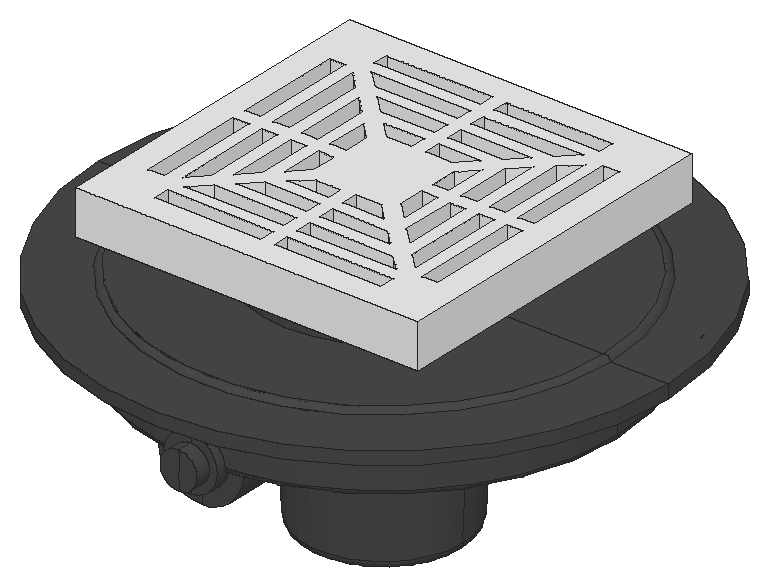
Revit family "Shower-Drain-Waterworks-Universal", category Pipe Accessories, host Face, Revit 2014
Parameters (values of type "NOT A TYPE - Load Type Catalog")
  ‌Installation Requirements or Notes = "This single drain can handle 17 gpm\r"  # constant formula
  Warranty = "http://www.waterworks.com/warranty"
  Version = "2014 - v1.0a"  # constant formula
  Support Phone = "(224) 699-9545"  # constant formula
  Support Email = "mailto:support@anguleris.com"
  Show Label [instance] = yes
  Model SKU = if(Constraint = 1, "26-57959-24091", if(Constraint = 2, "26-15307-98342", if(Constraint = 3, "26-35005-59774", if(Constraint = 4, "26-75946-93689", if(Constraint = 5, "26-46664-78511", if(Constraint = 6, "26-10276-80081", if(Constraint = 7, "26-84778-17046", if(Constraint = 8, "26-79254-35075", if(Constraint = 9, "26-63643-85030", if(Constraint = 10, "26-84421-61040", if(Constraint = 11, "26-19734-27541", if(Constraint = 12, "26-70824-72408", if(Constraint = 13, "26-83240-41358", if(Constraint = 14, "26-04110-14663", if(Constraint = 15, "26-74515-37982", if(Constraint = 16, "26-76117-98440", if(Constraint = 17, "26-13045-06230", "Not Available")))))))))))))))))  # "26-57959-24091"
  Manufacturer Email = "mailto:acallanan@waterworks.com"
  Length = 0' - 8 3/8"  # constant formula
  Label = "FD"  # constant formula
  Keynote = "22 40 00"
  URL = "http://www.waterworks.com/"
  Product Page URL = "http://www.waterworks.com/universal-shower-drain-unsd02"
  Product Name = if(Constraint = 1, "Universal Shower Drain in Antique Brass", if(Constraint = 2, "Universal Shower Drain in Antique Copper", if(Constraint = 3, "Universal Shower Drain in Architectural Bronze", if(Constraint = 4, "Universal Shower Drain in Burnished Brass", if(Constraint = 5, "Universal Shower Drain in Burnished Nickel", if(Constraint = 6, "Universal Shower Drain in Carbon", if(Constraint = 7, "Universal Shower Drain in Chrome", if(Constraint = 8, "Universal Shower Drain in Gold", if(Constraint = 9, "Universal Shower Drain in Graphite", if(Constraint = 10, "Universal Shower Drain in Matte Gold", if(Constraint = 11, "Universal Shower Drain in Matte Nickel", if(Constraint = 12, "Universal Shower Drain in Nickel", if(Constraint = 13, "Universal Shower Drain in Pewter", if(Constraint = 14, "Universal Shower Drain in Shiny Copper", if(Constraint = 15, "Universal Shower Drain in Sovereign", if(Constraint = 16, "Universal Shower Drain in Unlacquered Brass", if(Constraint = 17, "Universal Shower Drain in Vintage Brass", "Not Available")))))))))))))))))  # "Universal Shower Drain in Antique Brass"
  Product Documentation Link = "http://assets.waterworks.com/wasset/28/original/34428.pdf"
  Model = "UNSD02"  # constant formula
  Material = ""
  Manufacturer Phone Number = "(203)546-6201"  # constant formula
  Manufacturer Address = "60 Backus Avenue, Danbury, CT 06810"  # constant formula
  Manufacturer = "Waterworks"  # constant formula
  Height = 0' - 5"  # constant formula
  Finish = Metal - Waterworks - Chrome
  Drain Hole Diameter = 0' - 2"  # constant formula
  Description = if(Constraint = 1, "Universal Shower Drain in Antique Brass", if(Constraint = 2, "Universal Shower Drain in Antique Copper", if(Constraint = 3, "Universal Shower Drain in Architectural Bronze", if(Constraint = 4, "Universal Shower Drain in Burnished Brass", if(Constraint = 5, "Universal Shower Drain in Burnished Nickel", if(Constraint = 6, "Universal Shower Drain in Carbon", if(Constraint = 7, "Universal Shower Drain in Chrome", if(Constraint = 8, "Universal Shower Drain in Gold", if(Constraint = 9, "Universal Shower Drain in Graphite", if(Constraint = 10, "Universal Shower Drain in Matte Gold", if(Constraint = 11, "Universal Shower Drain in Matte Nickel", if(Constraint = 12, "Universal Shower Drain in Nickel", if(Constraint = 13, "Universal Shower Drain in Pewter", if(Constraint = 14, "Universal Shower Drain in Shiny Copper", if(Constraint = 15, "Universal Shower Drain in Sovereign", if(Constraint = 16, "Universal Shower Drain in Unlacquered Brass", if(Constraint = 17, "Universal Shower Drain in Vintage Brass", "Not Available")))))))))))))))))  # "Universal Shower Drain in Antique Brass"
  Depth = 0' - 8 3/8"  # constant formula
  Default Elevation = 0' - 0"
  Copyright = "@2017 Waterworks Operating Company LLC. All rights reserved"  # constant formula
  Constraint = 1
  Outlet Connection Diameter = 0' - 2"  # constant formula
  Outlet Connection Typer = "Outlet - No Hub"  # constant formula
  Code Compliance = "Code # WWSD02: ASME A112.18.2 / CSA B125.2, IAPMO, State of MA"  # constant formula
  Certification cUPC = 1 = 1  # yes
  Certification State of MA = 1 = 1  # yes
  Certification IAPMO = 1 = 1  # yes
  Assembly Code = "D2010"
  Alt Finish = Metal - Waterworks - Unfinished
Reference planes (in)
  plane 1 "Center (Front/Back)": y = 0
  plane 2 "Top": z = 0
  plane 3 "Center (Left/Right)": x = 0
  plane 4: x = -2.5
  plane 5: x = 2.5
  plane 6: y = 2.5
  plane 7: y = -2.5
  plane 8 "Left": x = -4.16416
  plane 9 "Right": x = 4.16416
  plane 10 "Back": y = 4.16416
  plane 11 "Front": y = -4.16416
  plane 12: y = 3.78916
  plane 13: y = -3.78916
  plane 14: x = -3.78916
  plane 15: x = 3.78916
  plane 16: z = -0.625
  plane 17: z = -1.3125
  plane 18: z = -1.5
  plane 19: x = -1.15625
  plane 20: x = 1.15625
  plane 21: y = -1.15625
  plane 22: y = 1.15625
  plane 23 "Bottom": z = -4.5625
  plane 24: z = 0.01562
Forms (in)
  Extrusion 1, solid, material "Metal - Waterworks - Chrome" <- "Finish", detail levels fine
    sketch origin (0, 0, 0) x (1, 0, 0) y (0, 1, 0)
      loop
        line (-2.5, 2.5) -> (-2.5, -2.5) -> (2.5, -2.5) -> (2.5, 2.5) -> (-2.5, 2.5)
      loop
        line (-1.8813, 0.10352) -> (-1.8813, 1.65749) -> (-2.11751, 1.65749) -> (-2.11751, 0.10352) -> (-1.8813, 0.10352)
      loop
        line (-1.70059, 1.55589) -> (-1.70059, 0.10352) -> (-1.46437, 0.10352) -> (-1.46437, 1.31967) -> (-1.70059, 1.55589)
      loop
        line (-1.28365, 1.13895) -> (-1.28365, 0.10352) -> (-1.04744, 0.10352) -> (-1.04744, 0.90274) -> (-1.28365, 1.13895)
      loop
        line (-0.86673, 0.72204) -> (-0.86673, 0.10352) -> (-0.63051, 0.10352) -> (-0.63051, 0.48581) -> (-0.86673, 0.72204)
      loop
        line (-0.09862, 0.87307) -> (-0.71705, 0.87307) -> (-0.48081, 0.63685) -> (-0.09862, 0.63685) -> (-0.09862, 0.87307)
      loop
        line (-0.09862, 1.29001) -> (-1.13402, 1.29001) -> (-0.89777, 1.05378) -> (-0.09862, 1.05378) -> (-0.09862, 1.29001)
      loop
        line (-0.09862, 1.70693) -> (-1.55098, 1.70693) -> (-1.31474, 1.47071) -> (-0.09862, 1.47071) -> (-0.09862, 1.70693)
      loop
        line (-0.09862, 2.12308) -> (-1.65255, 2.12308) -> (-1.65255, 1.88685) -> (-0.09862, 1.88685) -> (-0.09862, 2.12308)
      loop
        line (1.8813, 0.10352) -> (2.11751, 0.10352) -> (2.11751, 1.65749) -> (1.8813, 1.65749) -> (1.8813, 0.10352)
      loop
        line (1.70059, 1.55589) -> (1.46437, 1.31967) -> (1.46437, 0.10352) -> (1.70059, 0.10352) -> (1.70059, 1.55589)
      loop
        line (1.28365, 1.13895) -> (1.04744, 0.90274) -> (1.04744, 0.10352) -> (1.28365, 0.10352) -> (1.28365, 1.13895)
      loop
        line (0.86673, 0.72204) -> (0.63051, 0.48581) -> (0.63051, 0.10352) -> (0.86673, 0.10352) -> (0.86673, 0.72204)
      loop
        line (0.09862, 0.87307) -> (0.09862, 0.63685) -> (0.48081, 0.63685) -> (0.71705, 0.87307) -> (0.09862, 0.87307)
      loop
        line (0.09862, 1.29001) -> (0.09862, 1.05378) -> (0.89777, 1.05378) -> (1.13402, 1.29001) -> (0.09862, 1.29001)
      loop
        line (0.09862, 1.70693) -> (0.09862, 1.47071) -> (1.31474, 1.47071) -> (1.55098, 1.70693) -> (0.09862, 1.70693)
      loop
        line (0.09862, 2.12308) -> (0.09862, 1.88685) -> (1.65255, 1.88685) -> (1.65255, 2.12308) -> (0.09862, 2.12308)
      loop
        line (-1.8813, -0.10352) -> (-2.11751, -0.10352) -> (-2.11751, -1.65749) -> (-1.8813, -1.65749) -> (-1.8813, -0.10352)
      loop
        line (-1.70059, -1.55589) -> (-1.46437, -1.31967) -> (-1.46437, -0.10352) -> (-1.70059, -0.10352) -> (-1.70059, -1.55589)
      loop
        line (-1.28365, -1.13895) -> (-1.04744, -0.90274) -> (-1.04744, -0.10352) -> (-1.28365, -0.10352) -> (-1.28365, -1.13895)
      loop
        line (-0.86673, -0.72204) -> (-0.63051, -0.48581) -> (-0.63051, -0.10352) -> (-0.86673, -0.10352) -> (-0.86673, -0.72204)
      loop
        line (-0.09862, -0.87307) -> (-0.09862, -0.63685) -> (-0.48081, -0.63685) -> (-0.71705, -0.87307) -> (-0.09862, -0.87307)
      loop
        line (-0.09862, -1.29001) -> (-0.09862, -1.05378) -> (-0.89777, -1.05378) -> (-1.13402, -1.29001) -> (-0.09862, -1.29001)
      loop
        line (-0.09862, -1.70693) -> (-0.09862, -1.47071) -> (-1.31474, -1.47071) -> (-1.55098, -1.70693) -> (-0.09862, -1.70693)
      loop
        line (-0.09862, -2.12308) -> (-0.09862, -1.88685) -> (-1.65255, -1.88685) -> (-1.65255, -2.12308) -> (-0.09862, -2.12308)
      loop
        line (1.8813, -0.10352) -> (1.8813, -1.65749) -> (2.11751, -1.65749) -> (2.11751, -0.10352) -> (1.8813, -0.10352)
      loop
        line (1.70059, -1.55589) -> (1.70059, -0.10352) -> (1.46437, -0.10352) -> (1.46437, -1.31967) -> (1.70059, -1.55589)
      loop
        line (1.28365, -1.13895) -> (1.28365, -0.10352) -> (1.04744, -0.10352) -> (1.04744, -0.90274) -> (1.28365, -1.13895)
      loop
        line (0.86673, -0.72204) -> (0.86673, -0.10352) -> (0.63051, -0.10352) -> (0.63051, -0.48581) -> (0.86673, -0.72204)
      loop
        line (0.09862, -0.87307) -> (0.71705, -0.87307) -> (0.48081, -0.63685) -> (0.09862, -0.63685) -> (0.09862, -0.87307)
      loop
        line (0.09862, -1.29001) -> (1.13402, -1.29001) -> (0.89777, -1.05378) -> (0.09862, -1.05378) -> (0.09862, -1.29001)
      loop
        line (0.09862, -1.70693) -> (1.55098, -1.70693) -> (1.31474, -1.47071) -> (0.09862, -1.47071) -> (0.09862, -1.70693)
      loop
        line (0.09862, -2.12308) -> (1.65255, -2.12308) -> (1.65255, -1.88685) -> (0.09862, -1.88685) -> (0.09862, -2.12308)
    from -0.625 to 0.01562
  Blend 2, solid, material "Metal - Waterworks - Unfinished" <- "Alt Finish", detail levels fine
    base sketch origin (0, 0, 0) x (1, 0, 0) y (0, 1, 0)
      loop
        circle (0, 0) r 1.90625
    top sketch origin (0, 0, 0) x (1, 0, 0) y (0, 1, 0)
      loop
        line (-2.5, 2.5) -> (-2.5, -2.5) -> (2.5, -2.5) -> (2.5, 2.5) -> (-2.5, 2.5)
    from -0.875 to -0.625
  Revolve 3, solid, material "Metal - Waterworks - Unfinished" <- "Alt Finish", detail levels fine
    sketch origin (0, 0, 0) x (1, 0, 0) y (0, 0, 1)
      loop
        line (0, -0.875) -> (-1.84547, -0.875) -> (-1.78543, -0.93504) -> (-1.78543, -1.25394) -> (-3.21909, -1.25394)
        arc (-3.21909, -1.25394) -> (-3.2779, -1.26962) -> (-3.3211, -1.3125) r 0.11811
        line (-3.3211, -1.3125) -> (-4.16416, -1.3125) -> (-4.16416, -1.5) -> (-3.78916, -1.5)
        arc (-3.78916, -1.5) -> (-3.7548, -1.62819) -> (-3.64024, -1.69519) r 0.1746
        line (-3.64024, -1.69519) -> (-3.5048, -1.69519)
        arc (-3.5048, -1.69519) -> (-3.44873, -1.71842) -> (-3.4255, -1.77449) r 0.0793
        line (-3.4255, -1.77449) -> (-3.4255, -2.24029)
        arc (-3.4255, -2.24029) -> (-3.40244, -2.29576) -> (-3.34694, -2.31872) r 0.07856
        line (-3.34694, -2.31872) -> (-2.57874, -2.3189)
        arc (-2.57874, -2.3189) -> (-2.52306, -2.34203) -> (-2.5, -2.39771) r 0.07874
        line (-2.5, -2.39771) -> (-2.5, -2.69291)
        arc (-2.5, -2.69291) -> (-2.44234, -2.83211) -> (-2.30315, -2.88976) r 0.19685
        line (-2.30315, -2.88976) -> (-1.93898, -2.88976)
        arc (-1.93898, -2.88976) -> (-1.91955, -2.89966) -> (-1.89815, -2.90384) r 0.07874
        line (-1.89815, -2.90384) -> (-1.23031, -2.94094) -> (-1.16139, -4.44978)
        arc (-1.16139, -4.44978) -> (-1.12499, -4.52979) -> (-1.04341, -4.5625) r 0.11811
        line (-1.04341, -4.5625) -> (-1, -4.5625) -> (-1, -4.53125) -> (0, -4.53125) -> (0, -0.875)
      axis (0, -0.875) -> (0, -4.5625)
    angle from 0 to 360
  Revolve 4, solid, material "Metal - Waterworks - Unfinished" <- "Alt Finish", detail levels fine
    sketch origin (0, 0, 0) x (0, 1, 0) y (0, 0, 1)
      loop
        line (-3.74803, -2.52842) -> (-3.5315, -2.52842) -> (-3.5315, -2.65736) -> (-3.33465, -2.65736) -> (-3.33465, -2.88373) -> (0, -2.88373) -> (0, -2.25984) -> (-3.74803, -2.25984) -> (-3.74803, -2.52842)
      axis (0, -2.25984) -> (-3.74803, -2.25984)
    angle from 0 to 360
  Extrusion 5, void, detail levels fine
    sketch origin (0, 0, 0) x (1, 0, 0) y (0, 1, 0)
      loop
        line (-2.5, 2.5) -> (-2.5, -2.5) -> (2.5, -2.5) -> (2.5, 2.5) -> (-2.5, 2.5)
    from -1.25394 to 0
  Extrusion 6, void
    sketch origin (0, 0, 0) x (1, 0, 0) y (0, 1, 0)
      loop
        circle (0, 0) r 4.16416
    from -4.5625 to -1.25394
Cuts and joins
  joined: Blend 2, Revolve 3, Revolve 4
Lines and regions (in)
  Split face 1
    outline origin (0, 0, 0.01562) x (1, 0, 0) y (0, 1, 0)
      loop
        line (-2.30876, -2.30876) -> (2.30876, -2.30876) -> (2.30876, 2.30876) -> (-2.30876, 2.30876) -> (-2.30876, -2.30876)
  Masking region 1, detail levels coarse+medium
    outline origin (0, 0, 0) x (1, 0, 0) y (0, 1, 0)
      loop
        line (-2.5, 2.5) -> (-2.5, -2.5) -> (2.5, -2.5) -> (2.5, 2.5) -> (-2.5, 2.5)
  symbolic lines, style "PipeAccessory", detail levels coarse+medium
    curve 1: circle (0, 0, 0) r 2.5 normal (0, 0, 1)
  model lines, detail levels coarse+medium
    curve 2: line (0, 0, -6) -> (0, 0, 0.01562)
Dimensions and locks (in)
  equal spacing: plane 4, plane 3 "Center (Left/Right)", plane 5, locked at 2.5 each
  equal spacing: plane 7, plane 1 "Center (Front/Back)", plane 6, locked at 2.5 each
  "Height": plane 7 to plane 6
  "Height": plane 4 to plane 5
  equal spacing: plane 19, plane 3 "Center (Left/Right)", plane 20, locked at 1.15625 each
  equal spacing: plane 21, plane 1 "Center (Front/Back)", plane 22, locked at 1.15625 each
  locked: plane 3 "Center (Left/Right)" to Extrusion 1 sketch curve at 0.10232  (x2)
  locked: plane 3 "Center (Left/Right)" to Extrusion 1 sketch curve at 0.11037  (x2)
  locked: Extrusion 1 sketch curve to plane 3 "Center (Left/Right)" at 0.11037  (x2)
  locked: Extrusion 1 sketch curve to plane 3 "Center (Left/Right)" at 0.10232  (x2)
  Extrusion 1 sketch curve to Extrusion 1 sketch curve to plane 3 "Center (Left/Right)" to Extrusion 1 sketch curve to Extrusion 1 sketch curve = 0' - 0" locked, 0' - 0.09862" locked, 0' - 0.09862" locked, 0' - 0" locked
  Extrusion 1 sketch curve to Extrusion 1 sketch curve to plane 1 "Center (Front/Back)" to Extrusion 1 sketch curve to Extrusion 1 sketch curve = 0' - 0" locked, 0' - 0.10352" locked, 0' - 0.10352" locked, 0' - 0" locked
  Extrusion 1 sketch curve to Extrusion 1 sketch curve to Extrusion 1 sketch curve to Extrusion 1 sketch curve to Extrusion 1 sketch curve to Extrusion 1 sketch curve to Extrusion 1 sketch curve to Extrusion 1 sketch curve to Extrusion 1 sketch curve to Extrusion 1 sketch curve to Extrusion 1 sketch curve to Extrusion 1 sketch curve to Extrusion 1 sketch curve to Extrusion 1 sketch curve to Extrusion 1 sketch curve to Extrusion 1 sketch curve to plane 3 "Center (Left/Right)" to Extrusion 1 sketch curve to Extrusion 1 sketch curve to Extrusion 1 sketch curve to Extrusion 1 sketch curve to Extrusion 1 sketch curve to Extrusion 1 sketch curve to Extrusion 1 sketch curve to Extrusion 1 sketch curve to Extrusion 1 sketch curve to Extrusion 1 sketch curve to Extrusion 1 sketch curve to Extrusion 1 sketch curve to Extrusion 1 sketch curve to Extrusion 1 sketch curve to Extrusion 1 sketch curve to Extrusion 1 sketch curve = 0' - 0" locked, 0' - 0.23621" locked, 0' - 0" locked, 0' - 0.18071" locked, 0' - 0" locked, 0' - 0.23622" locked, 0' - 0" locked, 0' - 0.18072" locked, 0' - 0" locked, 0' - 0.23621" locked, 0' - 0" locked, 0' - 0.1807" locked, 0' - 0" locked, 0' - 0.23622" locked, 0' - 0" locked, 0' - 0.63051" locked, 0' - 0.63051" locked, 0' - 0" locked, 0' - 0.23622" locked, 0' - 0" locked, 0' - 0.1807" locked, 0' - 0" locked, 0' - 0.23621" locked, 0' - 0" locked, 0' - 0.18072" locked, 0' - 0" locked, 0' - 0.23622" locked, 0' - 0" locked, 0' - 0.18071" locked, 0' - 0" locked, 0' - 0.23621" locked, 0' - 0" locked
  Extrusion 1 sketch curve to Extrusion 1 sketch curve to Extrusion 1 sketch curve to Extrusion 1 sketch curve to Extrusion 1 sketch curve to Extrusion 1 sketch curve to Extrusion 1 sketch curve to Extrusion 1 sketch curve to Extrusion 1 sketch curve to Extrusion 1 sketch curve to Extrusion 1 sketch curve to Extrusion 1 sketch curve to Extrusion 1 sketch curve to Extrusion 1 sketch curve to Extrusion 1 sketch curve to Extrusion 1 sketch curve to plane 1 "Center (Front/Back)" to Extrusion 1 sketch curve to Extrusion 1 sketch curve to Extrusion 1 sketch curve to Extrusion 1 sketch curve to Extrusion 1 sketch curve to Extrusion 1 sketch curve to Extrusion 1 sketch curve to Extrusion 1 sketch curve to Extrusion 1 sketch curve to Extrusion 1 sketch curve to Extrusion 1 sketch curve to Extrusion 1 sketch curve to Extrusion 1 sketch curve to Extrusion 1 sketch curve to Extrusion 1 sketch curve to Extrusion 1 sketch curve = 0' - 0" locked, 0' - 0.23622" locked, 0' - 0" locked, 0' - 0.17992" locked, 0' - 0" locked, 0' - 0.23622" locked, 0' - 0" locked, 0' - 0.1807" locked, 0' - 0" locked, 0' - 0.23622" locked, 0' - 0" locked, 0' - 0.18071" locked, 0' - 0" locked, 0' - 0.23622" locked, 0' - 0" locked, 0' - 0.63685" locked, 0' - 0.63685" locked, 0' - 0" locked, 0' - 0.23622" locked, 0' - 0" locked, 0' - 0.18071" locked, 0' - 0" locked, 0' - 0.23622" locked, 0' - 0" locked, 0' - 0.1807" locked, 0' - 0" locked, 0' - 0.23622" locked, 0' - 0" locked, 0' - 0.17992" locked, 0' - 0" locked, 0' - 0.23622" locked, 0' - 0" locked
  locked: Blend 2 sketch curve to plane 3 "Center (Left/Right)" at 1.90625
  equal spacing: plane 8 "Left", plane 3 "Center (Left/Right)", plane 9 "Right", locked at 4.16416 each
  locked: plane 8 "Left" to plane 14 at 0.375
  plane 15 to plane 9 "Right" = 0' - 0 3/8"
  equal spacing: plane 11 "Front", plane 1 "Center (Front/Back)", plane 10 "Back", locked at 4.16416 each
  plane 12 to plane 10 "Back" = 0' - 0 3/8"
  locked: plane 11 "Front" to plane 13 at 0.375
  Revolve 3 sketch curve to Revolve 3 sketch curve to Revolve 3 sketch curve to Revolve 3 sketch curve to plane 14 to Revolve 3 sketch curve = 0' - 0.12785" locked, 0' - 0.15786" locked, 0' - 0.11118" locked, 0' - 0.17318" locked, 0' - 0.00143" locked
  Revolve 3 sketch curve to plane 19 to Revolve 3 sketch curve to Revolve 3 sketch curve = 0' - 0.11284" locked, 0' - 0.07406" locked, 0' - 0.66356" locked
  Revolve 3 sketch curve to plane 4 to Revolve 3 sketch curve = 0' - 0.19685" locked, 0' - 0.07874" locked
  locked: plane 3 "Center (Left/Right)" to Revolve 3 sketch curve at 1.78543
  plane 2 "Top" to Revolve 3 sketch curve to Revolve 3 sketch curve to Revolve 3 sketch curve to Revolve 3 sketch curve to Revolve 3 sketch curve to Revolve 3 sketch curve to Revolve 3 sketch curve to Revolve 3 sketch curve to Revolve 3 sketch curve to Revolve 3 sketch curve to Revolve 3 sketch curve to Revolve 3 sketch curve = 0' - 1.25394" locked, 0' - 0.11811" locked, 0' - 0.15024" locked, 0' - 0.17291" locked, 0' - 0.0793" locked, 0' - 0.46567" locked, 0' - 0.07874" locked, 0' - 0.07881" locked, 0' - 0.29521" locked, 0' - 0.13231" locked, 0' - 0.06455" locked, 0' - 0.05118" locked
  plane 2 "Top" to plane 16 to plane 17 to plane 18 to plane 23 "Bottom" = 0' - 0 5/8" locked, 0' - 0 11/16" locked, 0' - 0 3/16" locked, 0' - 3 1/16" locked
  locked: plane 16 to Blend 2 at 0.25
  locked: plane 2 "Top" to Revolve 4 sketch curve at 2.25984
  plane 1 "Center (Front/Back)" to Revolve 4 sketch curve to Revolve 4 sketch curve to Revolve 4 sketch curve = 0' - 3.33465" locked, 0' - 0.19685" locked, 0' - 0.21654" locked
  Revolve 4 sketch curve to Revolve 4 sketch curve to Revolve 4 sketch curve to Revolve 4 sketch curve = 0' - 0.22638" locked, 0' - 0.12894" locked, 0' - 0.26858" locked
  locked: plane 8 "Left" to Extrusion 6 sketch curve at 0
  locked: Revolve 3 sketch curve to plane 23 "Bottom" at 0.03125
  locked: Revolve 3 sketch curve to plane 19 at 0.15625
  locked: plane 4 to Split face 1 sketch curve at 0.19124
  locked: Split face 1 sketch curve to plane 5 at 0.19124
  locked: plane 7 to Split face 1 sketch curve at 0.19124
  locked: Split face 1 sketch curve to plane 6 at 0.19124
  locked: plane 24 to plane 2 "Top" at 0.01563
  locked: plane 23 "Bottom" to curve 2 at 1.4375
  nested 1 to plane 11 "Front" = 0' - 1"
  plane 9 "Right" to nested 1 = 0' - 1"
  aligned and locked: host face to plane 2 "Top"
  aligned and locked: level to host face
  aligned and locked: plane 6 to Extrusion 1 sketch curve
  aligned and locked: plane 4 to Extrusion 1 sketch curve
  aligned and locked: Extrusion 1 sketch curve to plane 7
  aligned and locked: Extrusion 1 sketch curve to plane 5
  aligned and locked: Extrusion 1 sketch curve to Extrusion 1 sketch curve  (x40)
  aligned and locked: Extrusion 1 to plane 16
  aligned and locked: plane 1 "Center (Front/Back)" to Blend 2 sketch curve
  aligned and locked: plane 3 "Center (Left/Right)" to Blend 2 sketch curve
  aligned and locked: plane 4 to Blend 2 sketch curve
  aligned and locked: plane 6 to Blend 2 sketch curve
  aligned and locked: Blend 2 sketch curve to plane 5
  aligned and locked: Blend 2 sketch curve to plane 7
  aligned and locked: Revolve 3 sketch curve to plane 3 "Center (Left/Right)"
  aligned and locked: plane 3 "Center (Left/Right)" to Revolve 3 sketch curve
  aligned and locked: Revolve 3 sketch curve to plane 18
  aligned and locked: plane 17 to Revolve 3 sketch curve
  aligned and locked: Revolve 3 sketch curve to Blend 2
  aligned and locked: plane 23 "Bottom" to Revolve 3 sketch curve
  aligned and locked: Revolve 3 sketch curve to plane 8 "Left"
  aligned and locked: Revolve 3 sketch curve to plane 4
  aligned and locked: plane 16 to Blend 2
  aligned and locked: Revolve 4 sketch curve to plane 1 "Center (Front/Back)"
  aligned and locked: Revolve 4 sketch curve to Revolve 4 sketch curve
  aligned and locked: plane 4 to Extrusion 5 sketch curve
  aligned and locked: Extrusion 5 sketch curve to plane 5
  aligned and locked: Extrusion 5 sketch curve to plane 7
  aligned and locked: plane 6 to Extrusion 5 sketch curve
  aligned and locked: cut or joined group of Blend 2, Revolve 3, Revolve 4 to Extrusion 5
  aligned and locked: plane 2 "Top" to Extrusion 5
  aligned and locked: plane 1 "Center (Front/Back)" to Extrusion 6 sketch curve
  aligned and locked: plane 3 "Center (Left/Right)" to Extrusion 6 sketch curve
  aligned and locked: Extrusion 6 to plane 23 "Bottom"
  aligned and locked: Extrusion 6 to Extrusion 5
  aligned and locked: plane 24 to Extrusion 1
  aligned and locked: plane 3 "Center (Left/Right)" to curve 2
  aligned and locked: plane 24 to curve 2
Automatic sketch dimensions
  host sketch curve to host sketch curve = 6' - 0"  (x2)
  Extrusion 1 sketch curve to Extrusion 1 sketch curve = 0' - 0.22875"
  Extrusion 1 sketch curve to plane 19 = 0' - 0.4963"
  Extrusion 1 sketch curve to Extrusion 1 sketch curve = 0' - 0 13/128"  (x4)
  Extrusion 1 sketch curve to Extrusion 1 sketch curve = 0' - 0.1497"  (x2)
  Extrusion 1 sketch curve to Extrusion 1 sketch curve = 0' - 0.22936"
  Extrusion 1 sketch curve to plane 21 = 0' - 0.50124"
  Extrusion 1 sketch curve to Extrusion 1 sketch curve = 0' - 0.1016"  (x4)
  Extrusion 1 sketch curve to Extrusion 1 sketch curve = 0' - 0.15104"  (x2)
  Revolve 3 sketch curve to plane 19 = 0' - 0.00514"
  Revolve 3 sketch curve to Revolve 3 sketch curve = 0' - 0.06004"  (x2)
  Revolve 3 sketch curve to Revolve 3 sketch curve = 0' - 0.00427"
  Revolve 3 sketch curve to Revolve 3 sketch curve = 0' - 0.102"
  Revolve 3 sketch curve to Revolve 3 sketch curve = 0' - 0.00014"
  Revolve 3 sketch curve to Revolve 3 sketch curve = 0' - 0.00539"
  Revolve 3 sketch curve to Revolve 3 sketch curve = 0' - 0"  (x3)
  Revolve 3 sketch curve to Revolve 3 sketch curve = 0' - 0.00018"
  level to Revolve 3 sketch curve = 1' - 0"
  Revolve 3 sketch curve to Revolve 3 sketch curve = 1' - 7 7/16"
  Revolve 3 sketch curve to Revolve 3 sketch curve = 0' - 0.0371"
  plane 11 "Front" to Revolve 4 sketch curve = 0' - 7.83584"
  Revolve 4 sketch curve to plane 10 "Back" = 0' - 7.83584"
  plane 1 "Center (Front/Back)" to curve 1 = 0' - 0"
  curve 1 to plane 3 "Center (Left/Right)" = 0' - 0"
  Masking region 1 sketch curve to plane 4 = 0' - 0"
  Masking region 1 sketch curve to plane 5 = 0' - 0"
  plane 7 to Masking region 1 sketch curve = 0' - 0"
  plane 6 to Masking region 1 sketch curve = 0' - 0"
  radius of curve 1 = 0' - 2 1/2"
Nested families (in)
  nested 1: "Label Annotation 3-32" at (5.16416, -5.16416, 0), visible <- "Show Label", type "Label Annotation 3-32"
Connectors (in)
  piping at (0, 0, -4.53125), diameter 2, driven by "Outlet Connection Typer", driven by "Outlet Connection Diameter"
    settings: on cut or joined group of Blend 2, Revolve 3, Revolve 4, index 1, connector inside diameter 24", connector length 0' - 0", flow factor 0, pipe flow 1.5 GPM, pressure drop 0.00 psi, fitting loss kfactor 0, connector angle 0.00°, fixture units 0, engagement length 0' - 0", angle of deflection 0.00°, flow configuration 0, flow direction 2, fitting loss method 0, system type 16, joint type 0, gender type 0, connector reference index -1, connector utility 0, adjustable connector no, is connector primary yes, connector description "Outlet - No Hub"
Definition of nested family "Label Annotation 3-32"
  Parameters (values of type "Label Annotation 3-32")
    Label = "FD"
  Reference planes (in)
    plane 1: y = 0
    plane 2: x = 0
  Text (in)
    label "Label" at (0.00375, -0.00345, 0), shows "Label"
Types in the file's own list only (17): name | ‌Installation Requirements or Notes | Model SKU | Product Name | Finish | Description | Constraint
  Antique Brass | "This single drain can handle 17 gpm" | "26-57959-24091" | "Universal Shower Drain in Antique Brass" | Metal - Waterworks - Antique Brass | "Universal Shower Drain in Antique Brass" | 1
  Antique Copper | "This single drain can handle 17 gpm" | "26-15307-98342" | "Universal Shower Drain in Antique Copper" | Metal - Waterworks - Antique Copper | "Universal Shower Drain in Antique Copper" | 2
  Architectural Bronze | "This single drain can handle 17 gpm" | "26-35005-59774" | "Universal Shower Drain in Architectural Bronze" | Metal - Waterworks - Architectural Bronze | "Universal Shower Drain in Architectural Bronze" | 3
  Burnished Brass | "This single drain can handle 17 gpm" | "26-75946-93689" | "Universal Shower Drain in Burnished Brass" | Metal - Waterworks - Burnished Brass | "Universal Shower Drain in Burnished Brass" | 4
  Burnished Nickel | "This single drain can handle 17 gpm" | "26-46664-78511" | "Universal Shower Drain in Burnished Nickel" | Metal - Waterworks - Burnished Nickel | "Universal Shower Drain in Burnished Nickel" | 5
  Carbon | "This single drain can handle 17 gpm" | "26-10276-80081" | "Universal Shower Drain in Carbon" | Metal - Waterworks - Carbon | "Universal Shower Drain in Carbon" | 6
  Chrome | "This single drain can handle 17 gpm" | "26-84778-17046" | "Universal Shower Drain in Chrome" | Metal - Waterworks - Chrome | "Universal Shower Drain in Chrome" | 7
  Gold | "This single drain can handle 17 gpm" | "26-79254-35075" | "Universal Shower Drain in Gold" | Metal - Waterworks - Gold | "Universal Shower Drain in Gold" | 8
  Graphite | "This single drain can handle 17 gpm" | "26-63643-85030" | "Universal Shower Drain in Graphite" | Metal - Waterworks - Graphite | "Universal Shower Drain in Graphite" | 9
  Matte Gold | "This single drain can handle 17 gpm" | "26-84421-61040" | "Universal Shower Drain in Matte Gold" | Metal - Waterworks - Matte Gold | "Universal Shower Drain in Matte Gold" | 10
  Matte Nickel | "This single drain can handle 17 gpm" | "26-19734-27541" | "Universal Shower Drain in Matte Nickel" | Metal - Waterworks - Matte Nickel | "Universal Shower Drain in Matte Nickel" | 11
  Nickel | "This single drain can handle 17 gpm" | "26-70824-72408" | "Universal Shower Drain in Nickel" | Metal - Waterworks - Nickel | "Universal Shower Drain in Nickel" | 12
  Pewter | "This single drain can handle 17 gpm" | "26-83240-41358" | "Universal Shower Drain in Pewter" | Metal - Waterworks - Pewter | "Universal Shower Drain in Pewter" | 13
  Shiny Copper | "This single drain can handle 17 gpm" | "26-04110-14663" | "Universal Shower Drain in Shiny Copper" | Metal - Waterworks - Shiny Copper | "Universal Shower Drain in Shiny Copper" | 14
  Sovereign | "This single drain can handle 17 gpm" | "26-74515-37982" | "Universal Shower Drain in Sovereign" | Metal - Waterworks - Sovereign | "Universal Shower Drain in Sovereign" | 15
  Unlacquered Brass | "This single drain can handle 17 gpm" | "26-76117-98440" | "Universal Shower Drain in Unlacquered Brass" | Metal - Waterworks - Unlacquered Brass | "Universal Shower Drain in Unlacquered Brass" | 16
  Vintage Brass | "This single drain can handle 17 gpm" | "26-13045-06230" | "Universal Shower Drain in Vintage Brass" | Metal - Waterworks - Vintage Brass | "Universal Shower Drain in Vintage Brass" | 17
